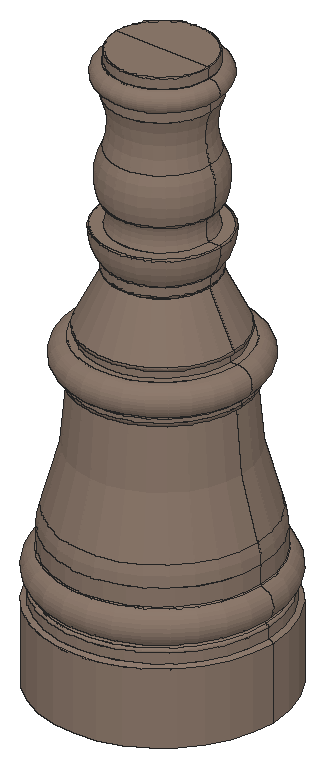
Revit family "CB0502", category Generic Models, Revit 2014
Parameters
  BASE = Bronze, Architectural
Reference planes (in)
  plane 1 "Center (Front/Back)": y = 0
  plane 2: z = 0
  plane 3 "Center (Left/Right)": x = 0
Forms (in)
  Revolve 1, solid, material "Bronze, Architectural" <- "BASE"
    sketch origin (0, 0, 0) x (1, 0, 0) y (0, 0, 1)
      loop
        line (-5.4375, 4.25) -> (-5.4375, 3.75) -> (-5.6875, 3.625) -> (-5.6875, 0) -> (0, 0) -> (0, 28.875) -> (-2.345, 28.875)
        arc (-2.345, 28.875) -> (-2.36621, 28.86621) -> (-2.375, 28.845) r 0.03
        line (-2.375, 28.845) -> (-2.375, 28.375) -> (-2.4375, 28.375)
        arc (-2.4375, 28.375) -> (-2.93652, 27.90631) -> (-2.5, 27.37892) r 0.5
        line (-2.5, 27.37892) -> (-2.5, 26.87506)
        arc (-2.5, 26.87506) -> (-2.21541, 25.65197) -> (-2.42468, 24.41376) r 3.19161
        arc (-2.42468, 24.41376) -> (-2.75095, 23.29857) -> (-2.57261, 22.15041) r 2.66983
        arc (-2.57261, 22.15041) -> (-2.5579, 22.13196) -> (-2.53536, 22.125) r 0.04
        line (-2.53536, 22.125) -> (-2.375, 22.125) -> (-2.375, 22)
        arc (-2.375, 22) -> (-2.24851, 21.4375) -> (-2.375, 20.875) r 1.31399
        line (-2.375, 20.875) -> (-2.9419, 20.875)
        arc (-2.9419, 20.875) -> (-2.98353, 20.85821) -> (-3.00186, 20.81722) r 0.06001
        arc (-3.00186, 20.81722) -> (-2.88336, 20.06119) -> (-2.51332, 19.39133) r 2.20251
        arc (-2.51332, 19.39133) -> (-2.50343, 19.37363) -> (-2.5, 19.35364) r 0.06
        line (-2.5, 19.35364) -> (-2.5, 18.905)
        arc (-2.5, 18.905) -> (-2.49121, 18.88379) -> (-2.47, 18.875) r 0.03
        arc (-2.47, 18.875) -> (-2.4205, 18.84567) -> (-2.41842, 18.78817) r 0.06003
        line (-2.41842, 18.78817) -> (-3.65955, 16.3059)
        arc (-3.65955, 16.3059) -> (-3.65408, 16.18428) -> (-3.54775, 16.125) r 0.125
        line (-3.54775, 16.125) -> (-3.5, 16.125) -> (-3.5, 15.75) -> (-3.84375, 15.75)
        arc (-3.84375, 15.75) -> (-4.57852, 15.15037) -> (-4.13839, 14.3103) r 0.75
        arc (-4.13839, 14.3103) -> (-4.08318, 14.26422) -> (-4.0625, 14.19535) r 0.125
        line (-4.0625, 14.19535) -> (-4.0625, 14)
        arc (-4.0625, 14) -> (-3.98928, 13.82322) -> (-3.8125, 13.75) r 0.25
        arc (-3.8125, 13.75) -> (-4.08432, 10.8017) -> (-4.88885, 7.95231) r 16.17946
        arc (-4.88885, 7.95231) -> (-5.01873, 7.48401) -> (-5.0625, 7) r 2.69803
        line (-5.0625, 7) -> (-5.0625, 6.13388)
        arc (-5.0625, 6.13388) -> (-5.07397, 6.0978) -> (-5.10417, 6.07496) r 0.0625
        arc (-5.10417, 6.07496) -> (-5.68386, 5.32972) -> (-5.24903, 4.49167) r 0.875
        arc (-5.24903, 4.49167) -> (-5.21983, 4.42136) -> (-5.28021, 4.375) r 0.0625
        line (-5.28021, 4.375) -> (-5.3125, 4.375)
        arc (-5.3125, 4.375) -> (-5.40089, 4.33839) -> (-5.4375, 4.25) r 0.125
      axis (0, 28.875) -> (0, 0)
    angle from 0 to 360
Dimensions and locks (in)
  aligned and locked: plane 2 to level
